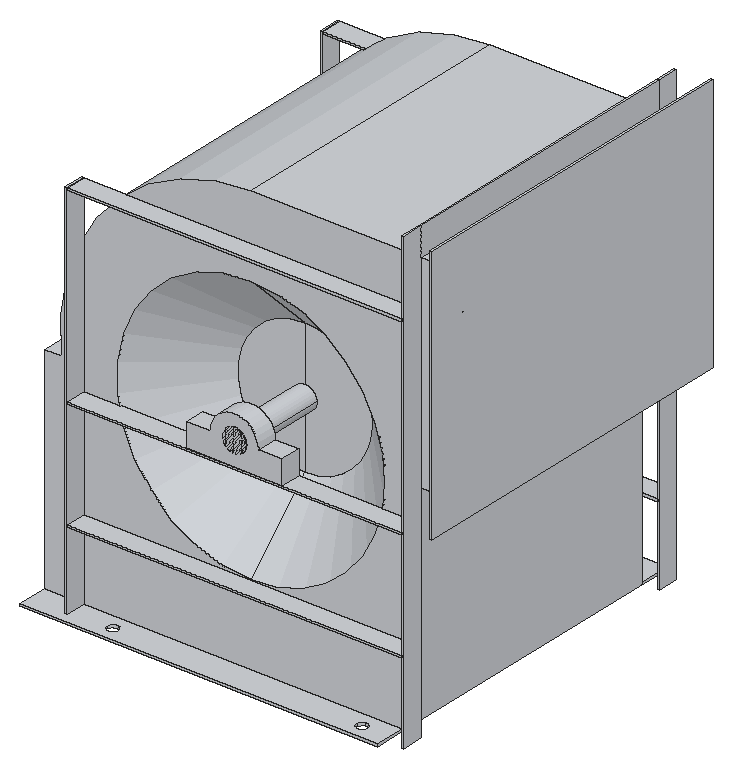
Revit family "CA_DWDI_CCW_THD", category Mechanical Equipment, Revit 2019 (continued)
Types (61): name | X/2 | X | W/2 | W | V | U | T | S | R/2 | R+R | R | P-N-M | P-N | P | N | M/2 | M | L | K | J | INLET/2 | INLET | H | G/5*3 | G/10*3 | G-2.5" | G-(G/5*3) | G+((G/5*3)+2") | G | F-((D-A)/2) | F | E/2 | E | D/2 | D | B/2 | B+.25" | B | A/2 | A+.25" | A | Type Comments | -P | -((B+.25")/2) | (M-(B+.25"))/2 | (G/5*3)+2" | ((B+.25")/2)
  245_CA-DWDI_CCW_THD_CLASS_3 | 1' - 8 21/32" | 3' - 5 5/16" | 0' - 0 13/32" | 0' - 0 13/16" | 0' - 8" | 1' - 1 1/2" | 1' - 6 21/32" | 3' - 1 5/16" | 0' - 1 3/32" | 0' - 4 3/8" | 0' - 2 3/16" | 0' - 2 7/8" | -3' - 5 15/16" | 4' - 2 11/16" | 0' - 8 3/4" | 1' - 7 17/32" | 3' - 3 1/16" | 1' - 7 17/32" | 3' - 7" | 2' - 0 1/4" | 1' - 2 23/32" | 2' - 5 7/16" | 3' - 10" | 1' - 2 23/32" | 0' - 7 23/64" | 1' - 10 13/16" | 0' - 10 9/32" | 3' - 5 23/32" | 2' - 1" | 4' - 3 7/16" | 4' - 5 1/8" | 1' - 7 7/32" | 3' - 2 7/16" | 1' - 2 7/16" | 2' - 4 7/8" | 1' - 5 17/32" | 2' - 11 5/16" | 2' - 11 1/16" | 1' - 0 3/4" | 2' - 1 3/4" | 2' - 1 1/2" | "Airfoil Centrifugal Blower Counter-Clockwise Top Horizontal Arrangement 3 Class 3" | -4' - 2 11/16" | -1' - 5 21/32" | 0' - 1 7/8" | 1' - 4 23/32" | 1' - 5 21/32"
  270_CA-DWDI_CCW_THD_CLASS_2 | 1' - 10 27/32" | 3' - 9 11/16" | 0' - 0 13/32" | 0' - 0 13/16" | 0' - 9" | 1' - 3" | 1' - 8 27/32" | 3' - 5 11/16" | 0' - 1 11/32" | 0' - 5 3/8" | 0' - 2 11/16" | 0' - 2 1/2" | -3' - 9 15/16" | 4' - 6 15/16" | 0' - 9" | 1' - 9 23/32" | 3' - 7 7/16" | 1' - 9 23/32" | 3' - 11" | 2' - 2 5/8" | 1' - 3 31/32" | 2' - 7 15/16" | 4' - 2" | 1' - 3 31/32" | 0' - 7 63/64" | 2' - 0 5/16" | 0' - 11 1/32" | 3' - 8 31/32" | 2' - 3" | 4' - 8 3/16" | 4' - 9 7/8" | 1' - 9 13/32" | 3' - 6 13/16" | 1' - 3 7/16" | 2' - 6 7/8" | 1' - 7 23/32" | 3' - 3 11/16" | 3' - 3 7/16" | 1' - 1 3/4" | 2' - 3 3/4" | 2' - 3 1/2" | "Airfoil Centrifugal Blower Counter-Clockwise Top Horizontal Arrangement 3 Class 2" | -4' - 6 15/16" | -1' - 7 27/32" | 0' - 1 7/8" | 1' - 5 31/32" | 1' - 7 27/32"
  270_CA-DWDI_CCW_THD_CLASS_3 | 1' - 10 27/32" | 3' - 9 11/16" | 0' - 0 13/32" | 0' - 0 13/16" | 0' - 9" | 1' - 3" | 1' - 8 27/32" | 3' - 5 11/16" | 0' - 1 3/32" | 0' - 4 3/8" | 0' - 2 3/16" | 0' - 2 7/8" | -3' - 10 5/16" | 4' - 7 1/16" | 0' - 8 3/4" | 1' - 9 23/32" | 3' - 7 7/16" | 1' - 9 23/32" | 3' - 11" | 2' - 2 5/8" | 1' - 3 31/32" | 2' - 7 15/16" | 4' - 2" | 1' - 3 31/32" | 0' - 7 63/64" | 2' - 0 13/16" | 0' - 11 1/32" | 3' - 8 31/32" | 2' - 3" | 4' - 8 3/16" | 4' - 9 7/8" | 1' - 9 13/32" | 3' - 6 13/16" | 1' - 3 7/16" | 2' - 6 7/8" | 1' - 7 23/32" | 3' - 3 11/16" | 3' - 3 7/16" | 1' - 1 3/4" | 2' - 3 3/4" | 2' - 3 1/2" | "Airfoil Centrifugal Blower Counter-Clockwise Top Horizontal Arrangement 3 Class 3" | -4' - 7 1/16" | -1' - 7 27/32" | 0' - 1 7/8" | 1' - 5 31/32" | 1' - 7 27/32"
  300_CA-DWDI_CCW_THD_CLASS_2 | 2' - 0 5/8" | 4' - 1 1/4" | 0' - 0 13/32" | 0' - 0 13/16" | 0' - 10" | 1' - 4 1/2" | 1' - 10 5/8" | 3' - 9 1/4" | 0' - 1 11/32" | 0' - 5 3/8" | 0' - 2 11/16" | 0' - 2 1/2" | -4' - 1 1/2" | 4' - 11" | 0' - 9 1/2" | 1' - 11 1/2" | 3' - 11" | 1' - 11 1/2" | 4' - 4" | 2' - 5 1/2" | 1' - 5 15/32" | 2' - 10 15/16" | 4' - 7 3/8" | 1' - 5 15/32" | 0' - 8 47/64" | 2' - 3 5/16" | 1' - 0 17/32" | 4' - 1 15/32" | 2' - 6" | 5' - 2 13/32" | 5' - 4 1/8" | 1' - 11 7/32" | 3' - 10 7/16" | 1' - 5 5/16" | 2' - 10 5/8" | 1' - 9 1/2" | 3' - 7 1/4" | 3' - 7" | 1' - 3 19/32" | 2' - 7 7/16" | 2' - 7 3/16" | "Airfoil Centrifugal Blower Counter-Clockwise Top Horizontal Arrangement 3 Class 2" | -4' - 11" | -1' - 9 5/8" | 0' - 1 7/8" | 1' - 7 15/32" | 1' - 9 5/8"
  300_CA-DWDI_CCW_THD_CLASS_3 | 2' - 0 5/8" | 4' - 1 1/4" | 0' - 0 13/32" | 0' - 0 13/16" | 0' - 10" | 1' - 4 1/2" | 1' - 10 5/8" | 3' - 9 1/4" | 0' - 1 7/32" | 0' - 4 7/8" | 0' - 2 7/16" | 0' - 2 7/8" | -4' - 1 7/8" | 4' - 11 3/8" | 0' - 9 1/2" | 1' - 11 1/2" | 3' - 11" | 1' - 11 1/2" | 4' - 4" | 2' - 5 1/2" | 1' - 5 15/32" | 2' - 10 15/16" | 4' - 7 3/8" | 1' - 5 15/32" | 0' - 8 47/64" | 2' - 3 9/16" | 1' - 0 17/32" | 4' - 1 15/32" | 2' - 6" | 5' - 2 13/32" | 5' - 4 1/8" | 1' - 11 7/32" | 3' - 10 7/16" | 1' - 5 5/16" | 2' - 10 5/8" | 1' - 9 1/2" | 3' - 7 1/4" | 3' - 7" | 1' - 3 19/32" | 2' - 7 7/16" | 2' - 7 3/16" | "Airfoil Centrifugal Blower Counter-Clockwise Top Horizontal Arrangement 3 Class 3" | -4' - 11 3/8" | -1' - 9 5/8" | 0' - 1 7/8" | 1' - 7 15/32" | 1' - 9 5/8"
  330_CA-DWDI_CCW_THD_CLASS_2 | 2' - 2 23/32" | 4' - 5 7/16" | 0' - 0 13/32" | 0' - 0 13/16" | 1' - 0" | 1' - 6" | 2' - 0 21/32" | 4' - 1 5/16" | 0' - 1 3/32" | 0' - 4 3/8" | 0' - 2 3/16" | 0' - 3" | -4' - 6 1/16" | 5' - 3 11/16" | 0' - 9 5/8" | 2' - 1 17/32" | 4' - 3 1/16" | 2' - 1 17/32" | 4' - 9" | 2' - 8 5/16" | 1' - 6 31/32" | 3' - 1 15/16" | 5' - 0 3/4" | 1' - 6 31/32" | 0' - 9 31/64" | 2' - 6 13/16" | 1' - 2 1/32" | 4' - 5 31/32" | 2' - 9" | 5' - 8 21/32" | 5' - 10 7/8" | 2' - 1 3/4" | 4' - 3 1/2" | 1' - 7 15/32" | 3' - 2 15/16" | 1' - 11 17/32" | 3' - 11 5/16" | 3' - 11 1/16" | 1' - 5 1/4" | 2' - 10 3/4" | 2' - 10 1/2" | "Airfoil Centrifugal Blower Counter-Clockwise Top Horizontal Arrangement 3 Class 2" | -5' - 3 11/16" | -1' - 11 21/32" | 0' - 1 7/8" | 1' - 8 31/32" | 1' - 11 21/32"
  330_CA-DWDI_CCW_THD_CLASS_3 | 2' - 2 23/32" | 4' - 5 7/16" | 0' - 0 13/32" | 0' - 0 13/16" | 1' - 0" | 1' - 6" | 2' - 0 21/32" | 4' - 1 5/16" | 0' - 1 7/32" | 0' - 4 7/8" | 0' - 2 7/16" | 0' - 2 7/8" | -4' - 5 15/16" | 5' - 3 15/16" | 0' - 10" | 2' - 1 17/32" | 4' - 3 1/16" | 2' - 1 17/32" | 4' - 9" | 2' - 8 5/16" | 1' - 6 31/32" | 3' - 1 15/16" | 5' - 0 3/4" | 1' - 6 31/32" | 0' - 9 31/64" | 2' - 6 9/16" | 1' - 2 1/32" | 4' - 5 31/32" | 2' - 9" | 5' - 8 21/32" | 5' - 10 7/8" | 2' - 1 3/4" | 4' - 3 1/2" | 1' - 7 15/32" | 3' - 2 15/16" | 1' - 11 17/32" | 3' - 11 5/16" | 3' - 11 1/16" | 1' - 5 1/4" | 2' - 10 3/4" | 2' - 10 1/2" | "Airfoil Centrifugal Blower Counter-Clockwise Top Horizontal Arrangement 3 Class 3" | -5' - 3 15/16" | -1' - 11 21/32" | 0' - 1 7/8" | 1' - 8 31/32" | 1' - 11 21/32"
  365_CA-DWDI_CCW_THD_CLASS_2 | 2' - 5 9/32" | 4' - 10 9/16" | 0' - 0 13/32" | 0' - 0 13/16" | 1' - 1" | 1' - 8" | 2' - 3 7/32" | 4' - 6 7/16" | 0' - 1 7/32" | 0' - 4 7/8" | 0' - 2 7/16" | 0' - 2 7/8" | -4' - 11 1/16" | 5' - 9 9/16" | 0' - 10 1/2" | 2' - 4 3/32" | 4' - 8 3/16" | 2' - 4 3/32" | 5' - 3" | 2' - 11 9/16" | 1' - 8 23/32" | 3' - 5 7/16" | 5' - 7" | 1' - 8 23/32" | 0' - 10 23/64" | 2' - 9 9/16" | 1' - 3 9/32" | 4' - 10 23/32" | 3' - 0" | 6' - 3 17/32" | 6' - 5 3/4" | 2' - 4 5/16" | 4' - 8 5/8" | 1' - 9 9/16" | 3' - 7 1/8" | 2' - 2 3/32" | 4' - 4 7/16" | 4' - 4 3/16" | 1' - 7 11/32" | 3' - 2 15/16" | 3' - 2 11/16" | "Airfoil Centrifugal Blower Counter-Clockwise Top Horizontal Arrangement 3 Class 2" | -5' - 9 9/16" | -2' - 2 7/32" | 0' - 1 7/8" | 1' - 10 23/32" | 2' - 2 7/32"
  365_CA-DWDI_CCW_THD_CLASS_3 | 2' - 5 9/32" | 4' - 10 9/16" | 0' - 0 13/32" | 0' - 0 13/16" | 1' - 1" | 1' - 8" | 2' - 3 7/32" | 4' - 6 7/16" | 0' - 1 11/32" | 0' - 5 3/8" | 0' - 2 11/16" | 0' - 3 3/8" | -4' - 11 9/16" | 5' - 10 1/16" | 0' - 10 1/2" | 2' - 4 3/32" | 4' - 8 3/16" | 2' - 4 3/32" | 5' - 3" | 2' - 11 9/16" | 1' - 8 23/32" | 3' - 5 7/16" | 5' - 7" | 1' - 8 23/32" | 0' - 10 23/64" | 2' - 9 5/16" | 1' - 3 9/32" | 4' - 10 23/32" | 3' - 0" | 6' - 3 17/32" | 6' - 5 3/4" | 2' - 4 5/16" | 4' - 8 5/8" | 1' - 9 9/16" | 3' - 7 1/8" | 2' - 2 3/32" | 4' - 4 7/16" | 4' - 4 3/16" | 1' - 7 11/32" | 3' - 2 15/16" | 3' - 2 11/16" | "Airfoil Centrifugal Blower Counter-Clockwise Top Horizontal Arrangement 3 Class 3" | -5' - 10 1/16" | -2' - 2 7/32" | 0' - 1 7/8" | 1' - 10 23/32" | 2' - 2 7/32"
  402_CA-DWDI_CCW_THD_CLASS_2 | 2' - 8 19/32" | 5' - 5 3/16" | 0' - 0 17/32" | 0' - 1 1/16" | 1' - 2" | 1' - 10" | 2' - 6 21/32" | 5' - 1 5/16" | 0' - 1 7/32" | 0' - 4 7/8" | 0' - 2 7/16" | 0' - 1 7/8" | -5' - 5 11/16" | 6' - 3 11/16" | 0' - 10" | 2' - 7 29/32" | 5' - 3 13/16" | 2' - 7 29/32" | 5' - 9" | 3' - 3 3/16" | 1' - 10 19/32" | 3' - 9 3/16" | 6' - 1 7/8" | 1' - 10 19/32" | 0' - 11 19/64" | 3' - 1 9/16" | 1' - 5 13/32" | 5' - 4 19/32" | 3' - 4" | 6' - 11 17/32" | 7' - 1 3/4" | 2' - 7 1/8" | 5' - 2 1/4" | 1' - 11 3/32" | 3' - 10 3/16" | 2' - 4 29/32" | 4' - 10 1/16" | 4' - 9 13/16" | 1' - 8 7/8" | 3' - 6" | 3' - 5 3/4" | "Airfoil Centrifugal Blower Counter-Clockwise Top Horizontal Arrangement 3 Class 2" | -6' - 3 11/16" | -2' - 5 1/32" | 0' - 2 7/8" | 2' - 0 19/32" | 2' - 5 1/32"
  402_CA-DWDI_CCW_THD_CLASS_3 | 2' - 8 19/32" | 5' - 5 3/16" | 0' - 0 17/32" | 0' - 1 1/16" | 1' - 2" | 1' - 10" | 2' - 6 21/32" | 5' - 1 5/16" | 0' - 1 11/32" | 0' - 5 3/8" | 0' - 2 11/16" | 0' - 1 7/8" | -5' - 5 11/16" | 6' - 4 3/16" | 0' - 10 1/2" | 2' - 7 29/32" | 5' - 3 13/16" | 2' - 7 29/32" | 5' - 9" | 3' - 3 3/16" | 1' - 10 19/32" | 3' - 9 3/16" | 6' - 1 7/8" | 1' - 10 19/32" | 0' - 11 19/64" | 3' - 1 5/16" | 1' - 5 13/32" | 5' - 4 19/32" | 3' - 4" | 6' - 11 17/32" | 7' - 1 3/4" | 2' - 7 1/8" | 5' - 2 1/4" | 1' - 11 3/32" | 3' - 10 3/16" | 2' - 4 29/32" | 4' - 10 1/16" | 4' - 9 13/16" | 1' - 8 7/8" | 3' - 6" | 3' - 5 3/4" | "Airfoil Centrifugal Blower Counter-Clockwise Top Horizontal Arrangement 3 Class 3" | -6' - 4 3/16" | -2' - 5 1/32" | 0' - 2 7/8" | 2' - 0 19/32" | 2' - 5 1/32"
  445_CA-DWDI_CCW_THD_CLASS_2 | 2' - 11 13/16" | 5' - 11 5/8" | 0' - 0 17/32" | 0' - 1 1/16" | 1' - 4" | 2' - 0" | 2' - 9 7/8" | 5' - 7 3/4" | 0' - 1 11/32" | 0' - 5 3/8" | 0' - 2 11/16" | 0' - 2 1/4" | -6' - 0 1/2" | 6' - 11 1/2" | 0' - 11" | 2' - 11 1/8" | 5' - 10 1/4" | 2' - 11 1/8" | 6' - 5" | 3' - 7 3/16" | 2' - 0 23/32" | 4' - 1 7/16" | 6' - 9 1/2" | 2' - 0 23/32" | 1' - 0 23/64" | 3' - 5 5/16" | 1' - 7 9/32" | 5' - 10 23/32" | 3' - 8" | 7' - 8 13/32" | 7' - 10 5/8" | 2' - 10 11/32" | 5' - 8 11/16" | 2' - 1 3/16" | 4' - 2 3/8" | 2' - 8 1/8" | 5' - 4 1/2" | 5' - 4 1/4" | 1' - 10 31/32" | 3' - 10 3/16" | 3' - 9 15/16" | "Airfoil Centrifugal Blower Counter-Clockwise Top Horizontal Arrangement 3 Class 2" | -6' - 11 1/2" | -2' - 8 1/4" | 0' - 2 7/8" | 2' - 2 23/32" | 2' - 8 1/4"
  445_CA-DWDI_CCW_THD_CLASS_3 | 2' - 11 13/16" | 5' - 11 5/8" | 0' - 0 17/32" | 0' - 1 1/16" | 1' - 4" | 2' - 0" | 2' - 9 7/8" | 5' - 7 3/4" | 0' - 1 15/32" | 0' - 5 7/8" | 0' - 2 15/16" | 0' - 2 1/4" | -6' - 0 1/2" | 6' - 11 1/2" | 0' - 11" | 2' - 11 1/8" | 5' - 10 1/4" | 2' - 11 1/8" | 6' - 5" | 3' - 7 3/16" | 2' - 0 23/32" | 4' - 1 7/16" | 6' - 9 1/2" | 2' - 0 23/32" | 1' - 0 23/64" | 3' - 5 1/16" | 1' - 7 9/32" | 5' - 10 23/32" | 3' - 8" | 7' - 8 13/32" | 7' - 10 5/8" | 2' - 10 11/32" | 5' - 8 11/16" | 2' - 1 3/16" | 4' - 2 3/8" | 2' - 8 1/8" | 5' - 4 1/2" | 5' - 4 1/4" | 1' - 10 31/32" | 3' - 10 3/16" | 3' - 9 15/16" | "Airfoil Centrifugal Blower Counter-Clockwise Top Horizontal Arrangement 3 Class 3" | -6' - 11 1/2" | -2' - 8 1/4" | 0' - 2 7/8" | 2' - 2 23/32" | 2' - 8 1/4"
  490_CA-DWDI_CCW_THD_CLASS_2 | 3' - 2 3/4" | 6' - 5 1/2" | 0' - 0 17/32" | 0' - 1 1/16" | 1' - 6" | 2' - 2 1/2" | 3' - 0 13/16" | 6' - 1 5/8" | 0' - 1 23/32" | 0' - 6 7/8" | 0' - 3 7/16" | 0' - 2 1/4" | -6' - 6 3/8" | 7' - 6 3/8" | 1' - 0" | 3' - 2 1/16" | 6' - 4 1/8" | 3' - 2 1/16" | 7' - 1" | 3' - 11 9/16" | 2' - 3 1/2" | 4' - 7" | 7' - 5 3/4" | 2' - 3 1/2" | 1' - 1 3/4" | 3' - 8 9/16" | 1' - 8 1/2" | 6' - 5 1/2" | 4' - 0" | 8' - 5 1/32" | 8' - 7 1/4" | 3' - 1 9/32" | 6' - 2 9/16" | 2' - 3 23/32" | 4' - 7 7/16" | 2' - 11 1/16" | 5' - 10 3/8" | 5' - 10 1/8" | 2' - 1 1/2" | 4' - 3 1/4" | 4' - 3" | "Airfoil Centrifugal Blower Counter-Clockwise Top Horizontal Arrangement 3 Class 2" | -7' - 6 3/8" | -2' - 11 3/16" | 0' - 2 7/8" | 2' - 5 1/2" | 2' - 11 3/16"
  490_CA-DWDI_CCW_THD_CLASS_3 | 3' - 2 3/4" | 6' - 5 1/2" | 0' - 0 17/32" | 0' - 1 1/16" | 1' - 6" | 2' - 2 1/2" | 3' - 0 13/16" | 6' - 1 5/8" | 0' - 1 23/32" | 0' - 6 7/8" | 0' - 3 7/16" | 0' - 2 1/2" | -6' - 6 5/8" | 7' - 6 5/8" | 1' - 0" | 3' - 2 1/16" | 6' - 4 1/8" | 3' - 2 1/16" | 7' - 1" | 3' - 11 9/16" | 2' - 3 1/2" | 4' - 7" | 7' - 5 3/4" | 2' - 3 1/2" | 1' - 1 3/4" | 3' - 8 9/16" | 1' - 8 1/2" | 6' - 5 1/2" | 4' - 0" | 8' - 5 1/32" | 8' - 7 1/4" | 3' - 1 9/32" | 6' - 2 9/16" | 2' - 3 23/32" | 4' - 7 7/16" | 2' - 11 1/16" | 5' - 10 3/8" | 5' - 10 1/8" | 2' - 1 1/2" | 4' - 3 1/4" | 4' - 3" | "Airfoil Centrifugal Blower Counter-Clockwise Top Horizontal Arrangement 3 Class 3" | -7' - 6 5/8" | -2' - 11 3/16" | 0' - 2 7/8" | 2' - 5 1/2" | 2' - 11 3/16"
  540_CA-DWDI_CCW_THD_CLASS_2 | 3' - 8 5/32" | 7' - 4 5/16" | 0' - 0 17/32" | 0' - 1 1/16" | 1' - 8" | 2' - 5" | 3' - 4 23/32" | 6' - 9 7/16" | 0' - 1 31/32" | 0' - 7 7/8" | 0' - 3 15/16" | 0' - 2 1/4" | -7' - 2 3/16" | 8' - 3 15/16" | 1' - 1 3/4" | 3' - 5 31/32" | 6' - 11 15/16" | 3' - 5 31/32" | 7' - 10" | 4' - 4 1/4" | 2' - 6" | 5' - 0" | 8' - 2 3/4" | 2' - 6" | 1' - 3" | 4' - 1 1/16" | 1' - 11" | 7' - 1" | 4' - 5" | 9' - 3 17/32" | 9' - 5 3/4" | 3' - 5 3/16" | 6' - 10 3/8" | 2' - 6 3/32" | 5' - 0 3/16" | 3' - 2 31/32" | 6' - 6 3/16" | 6' - 5 15/16" | 2' - 3 7/8" | 4' - 8" | 4' - 7 3/4" | "Airfoil Centrifugal Blower Counter-Clockwise Top Horizontal Arrangement 3 Class 2" | -8' - 3 15/16" | -3' - 3 3/32" | 0' - 2 7/8" | 2' - 8" | 3' - 3 3/32"
  540_CA-DWDI_CCW_THD_CLASS_3 | 3' - 8 5/32" | 7' - 4 5/16" | 0' - 0 17/32" | 0' - 1 1/16" | 1' - 8" | 2' - 5" | 3' - 4 23/32" | 6' - 9 7/16" | 0' - 1 31/32" | 0' - 7 7/8" | 0' - 3 15/16" | 0' - 2 1/16" | -7' - 2" | 8' - 4 3/16" | 1' - 2 3/16" | 3' - 5 31/32" | 6' - 11 15/16" | 3' - 5 31/32" | 7' - 10" | 4' - 4 1/4" | 2' - 6" | 5' - 0" | 8' - 2 3/4" | 2' - 6" | 1' - 3" | 4' - 1 1/16" | 1' - 11" | 7' - 1" | 4' - 5" | 9' - 3 17/32" | 9' - 5 3/4" | 3' - 5 3/16" | 6' - 10 3/8" | 2' - 6 3/32" | 5' - 0 3/16" | 3' - 2 31/32" | 6' - 6 3/16" | 6' - 5 15/16" | 2' - 3 7/8" | 4' - 8" | 4' - 7 3/4" | "Airfoil Centrifugal Blower Counter-Clockwise Top Horizontal Arrangement 3 Class 3" | -8' - 4 3/16" | -3' - 3 3/32" | 0' - 2 7/8" | 2' - 8" | 3' - 3 3/32"
  600_CA-DWDI_CCW_THD_CLASS_2 | 4' - 0 5/16" | 8' - 0 5/8" | 0' - 0 17/32" | 0' - 1 1/16" | 1' - 10" | 2' - 8" | 3' - 8 7/8" | 7' - 5 3/4" | 0' - 1 31/32" | 0' - 7 7/8" | 0' - 3 15/16" | 0' - 2 1/4" | -7' - 10 1/2" | 9' - 0 3/4" | 1' - 2 1/4" | 3' - 10 1/8" | 7' - 8 1/4" | 3' - 10 1/8" | 8' - 9" | 4' - 9 15/16" | 2' - 9" | 5' - 6" | 9' - 1 5/8" | 2' - 9" | 1' - 4 1/2" | 4' - 7 1/16" | 2' - 2" | 7' - 10" | 4' - 11" | 10' - 4 1/32" | 10' - 6 1/4" | 3' - 9 11/32" | 7' - 6 11/16" | 2' - 9 5/16" | 5' - 6 5/8" | 3' - 7 1/8" | 7' - 2 1/2" | 7' - 2 1/4" | 2' - 7 3/32" | 5' - 2 7/16" | 5' - 2 3/16" | "Airfoil Centrifugal Blower Counter-Clockwise Top Horizontal Arrangement 3 Class 2" | -9' - 0 3/4" | -3' - 7 1/4" | 0' - 2 7/8" | 2' - 11" | 3' - 7 1/4"
  600_CA-DWDI_CCW_THD_CLASS_3 | 4' - 0 5/16" | 8' - 0 5/8" | 0' - 0 17/32" | 0' - 1 1/16" | 1' - 10" | 2' - 8" | 3' - 8 7/8" | 7' - 5 3/4" | 0' - 2 7/32" | 0' - 8 7/8" | 0' - 4 7/16" | 0' - 3 3/4" | -8' - 0" | 9' - 2 3/4" | 1' - 2 3/4" | 3' - 10 1/8" | 7' - 8 1/4" | 3' - 10 1/8" | 8' - 9" | 4' - 9 15/16" | 2' - 9" | 5' - 6" | 9' - 1 5/8" | 2' - 9" | 1' - 4 1/2" | 4' - 6 9/16" | 2' - 2" | 7' - 10" | 4' - 11" | 10' - 4 1/32" | 10' - 6 1/4" | 3' - 9 11/32" | 7' - 6 11/16" | 2' - 9 5/16" | 5' - 6 5/8" | 3' - 7 1/8" | 7' - 2 1/2" | 7' - 2 1/4" | 2' - 7 3/32" | 5' - 2 7/16" | 5' - 2 3/16" | "Airfoil Centrifugal Blower Counter-Clockwise Top Horizontal Arrangement 3 Class 3" | -9' - 2 3/4" | -3' - 7 1/4" | 0' - 2 7/8" | 2' - 11" | 3' - 7 1/4"
  660_CA-DWDI_CCW_THD_CLASS_2 | 4' - 4 5/8" | 8' - 9 1/4" | 0' - 0 17/32" | 0' - 1 1/16" | 2' - 1" | 2' - 11" | 4' - 1 3/16" | 8' - 2 3/8" | 0' - 2 7/32" | 0' - 8 7/8" | 0' - 4 7/16" | 0' - 2 7/16" | -8' - 7 5/16" | 9' - 10 5/8" | 1' - 3 5/16" | 4' - 2 7/16" | 8' - 4 7/8" | 4' - 2 7/16" | 9' - 8" | 5' - 3 3/4" | 3' - 0" | 6' - 0" | 10' - 0 5/8" | 3' - 0" | 1' - 6" | 5' - 0 9/16" | 2' - 5" | 8' - 7" | 5' - 5" | 11' - 4 17/32" | 11' - 6 3/4" | 4' - 1 21/32" | 8' - 3 5/16" | 3' - 0 7/16" | 6' - 0 7/8" | 3' - 11 7/16" | 7' - 11 1/8" | 7' - 10 7/8" | 2' - 10 7/32" | 5' - 8 11/16" | 5' - 8 7/16" | "Airfoil Centrifugal Blower Counter-Clockwise Top Horizontal Arrangement 3 Class 2" | -9' - 10 5/8" | -3' - 11 9/16" | 0' - 2 7/8" | 3' - 2" | 3' - 11 9/16"
  660_CA-DWDI_CCW_THD_CLASS_3 | 4' - 4 5/8" | 8' - 9 1/4" | 0' - 0 17/32" | 0' - 1 1/16" | 2' - 1" | 2' - 11" | 4' - 1 3/16" | 8' - 2 3/8" | 0' - 2 7/32" | 0' - 8 7/8" | 0' - 4 7/16" | 0' - 4 3/8" | -8' - 9 1/4" | 9' - 11 7/8" | 1' - 2 5/8" | 4' - 2 7/16" | 8' - 4 7/8" | 4' - 2 7/16" | 9' - 8" | 5' - 3 3/4" | 3' - 0" | 6' - 0" | 10' - 0 5/8" | 3' - 0" | 1' - 6" | 5' - 0 9/16" | 2' - 5" | 8' - 7" | 5' - 5" | 11' - 4 17/32" | 11' - 6 3/4" | 4' - 1 21/32" | 8' - 3 5/16" | 3' - 0 7/16" | 6' - 0 7/8" | 3' - 11 7/16" | 7' - 11 1/8" | 7' - 10 7/8" | 2' - 10 7/32" | 5' - 8 11/16" | 5' - 8 7/16" | "Airfoil Centrifugal Blower Counter-Clockwise Top Horizontal Arrangement 3 Class 3" | -9' - 11 7/8" | -3' - 11 9/16" | 0' - 2 7/8" | 3' - 2" | 3' - 11 9/16"
  730 _CA-DWDI_CCW_THD_CLASS_2 | 4' - 9 9/16" | 9' - 7 1/8" | 0' - 0 17/32" | 0' - 1 1/16" | 2' - 4" | 3' - 2 1/2" | 4' - 6 1/8" | 9' - 0 1/4" | 0' - 2 7/32" | 0' - 8 7/8" | 0' - 4 7/16" | 0' - 3 3/4" | -9' - 6 1/2" | 10' - 10 3/4" | 1' - 4 1/4" | 4' - 7 3/8" | 9' - 2 3/4" | 4' - 7 3/8" | 10' - 9" | 5' - 10 3/8" | 3' - 3 1/2" | 6' - 7" | 11' - 1 1/4" | 3' - 3 1/2" | 1' - 7 3/4" | 5' - 7 9/16" | 2' - 8 1/2" | 9' - 5 1/2" | 6' - 0" | 12' - 7 5/32" | 12' - 9 3/8" | 4' - 6 19/32" | 9' - 1 3/16" | 3' - 4 1/8" | 6' - 8 1/4" | 4' - 4 3/8" | 8' - 9" | 8' - 8 3/4" | 3' - 1 29/32" | 6' - 4 1/16" | 6' - 3 13/16" | "Airfoil Centrifugal Blower Counter-Clockwise Top Horizontal Arrangement 3 Class 2" | -10' - 10 3/4" | -4' - 4 1/2" | 0' - 2 7/8" | 3' - 5 1/2" | 4' - 4 1/2"
  730 _CA-DWDI_CCW_THD_CLASS_3 | 4' - 9 9/16" | 9' - 7 1/8" | 0' - 0 17/32" | 0' - 1 1/16" | 2' - 4" | 3' - 2 1/2" | 4' - 6 1/8" | 9' - 0 1/4" | 0' - 2 15/32" | 0' - 9 7/8" | 0' - 4 15/16" | 0' - 3 3/4" | -9' - 6 1/2" | 10' - 11 1/4" | 1' - 4 3/4" | 4' - 7 3/8" | 9' - 2 3/4" | 4' - 7 3/8" | 10' - 9" | 5' - 10 3/8" | 3' - 3 1/2" | 6' - 7" | 11' - 1 1/4" | 3' - 3 1/2" | 1' - 7 3/4" | 5' - 7 1/16" | 2' - 8 1/2" | 9' - 5 1/2" | 6' - 0" | 12' - 7 5/32" | 12' - 9 3/8" | 4' - 6 19/32" | 9' - 1 3/16" | 3' - 4 1/8" | 6' - 8 1/4" | 4' - 4 3/8" | 8' - 9" | 8' - 8 3/4" | 3' - 1 29/32" | 6' - 4 1/16" | 6' - 3 13/16" | "Airfoil Centrifugal Blower Counter-Clockwise Top Horizontal Arrangement 3 Class 3" | -10' - 11 1/4" | -4' - 4 1/2" | 0' - 2 7/8" | 3' - 5 1/2" | 4' - 4 1/2"
